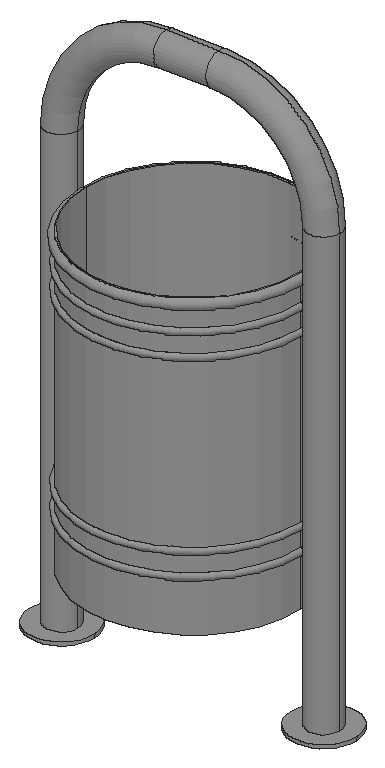
Revit family "Урна стальная «Дуга» Арт 19137", category Антураж, Revit 2018
Family settings
  На основе рабочей плоскости = Нет
  Всегда вертикально = Да
  При загрузке вырезать с полостями = Нет
  Источник визуального образа = Геометрия семейства
  Общий = Нет
  Точка расчета площади = Нет
Parameters (values of type "Урна стальная «Дуга»")
  Ширина = 340 mm  # constant formula
  Цвет урны = Сталь
  Описание = "Урна стальная «Дуга». Версия Объём: 35 литров"  # constant formula
  Материал изделия = "Сталь"  # constant formula
  Изображение типоразмера = Урна стальная «Дуга» Арт 19137.jpg
  Изготовитель = "ООО «Хоббика»"  # constant formula
  Длина = 450 mm  # constant formula
  Группа модели = "Уличные урны"  # constant formula
  Высота = 870 mm  # constant formula
  Артикул товара = "Арт. 19137"  # constant formula
  URL = "https://hobbyka.ru/product/urna_stalnaya_duga/"
Reference planes
  plane 1 "По центру (Вперед/Назад)": y = 0
  plane 2: z = 0
  plane 3 "По центру (Влево/Вправо)": x = 0
  plane 4: x = 450
  plane 5: y = 340
  plane 6: z = 870
Forms (mm)
  Sweep 1, solid, material "Сталь" <- "Цвет урны"
    path origin (0, 0, 0) x (1, 0, 0) y (0, 0, 1)
      loop
        line (0, 0) -> (0, 685)
        arc (0, 685) -> (54.185, 815.815) -> (185, 870) r 185
        line (185, 870) -> (265, 870)
        arc (265, 870) -> (395.815, 815.815) -> (450, 685) r 185
        line (450, 685) -> (450, 0)
    profile origin (0, 0, 342.5) x (-1, 0, 0) y (0, -1, 0)
      loop
        circle (-25, -170) r 25
  Extrusion 2, solid, material "Сталь" <- "Цвет урны"
    sketch origin (0, 0, 0) x (1, 0, 0) y (0, 1, 0)
      loop
        circle (25, 170) r 50
      loop
        circle (425, 170) r 50
    from 0 to 5
  Revolve 3, solid, material "Сталь" <- "Цвет урны"
    sketch origin (0, 170, 0) x (1, 0, 0) y (0, 0, 1)
      loop
        line (388.557, 610) -> (388.557, 152) -> (225, 152) -> (225, 150) -> (390.557, 150) -> (390.557, 225)
        arc (390.557, 225) -> (395.557, 230) -> (390.557, 235) r 5
        line (390.557, 235) -> (390.557, 260)
        arc (390.557, 260) -> (395.557, 265) -> (390.557, 270) r 5
        line (390.557, 270) -> (390.557, 525)
        arc (390.557, 525) -> (395.557, 530) -> (390.557, 535) r 5
        line (390.557, 535) -> (390.557, 560)
        arc (390.557, 560) -> (395.557, 565) -> (390.557, 570) r 5
        line (390.557, 570) -> (390.557, 595)
        arc (390.557, 595) -> (398.057, 602.5) -> (390.557, 610) r 7.5
        line (390.557, 610) -> (388.557, 610)
      axis (225, 610) -> (225, 150)
    angle from 0 to 360
Cuts and joins
  joined: Sweep 1, Extrusion 2
Dimensions and locks
  "Ширина": plane 5 to plane 1 "По центру (Вперед/Назад)"
  "Длина": plane 3 "По центру (Влево/Вправо)" to plane 4
  "Высота": plane 6 to plane 2
  aligned and locked: level to plane 2
Automatic sketch dimensions
  Sweep 1 sketch curve to plane 3 "По центру (Влево/Вправо)" = 0 mm
  Sweep 1 sketch curve to plane 6 = 0 mm
  Sweep 1 sketch curve to plane 4 = 0 mm
  Sweep 1 sketch curve to level = 0 mm  (x2)
  plane 3 "По центру (Влево/Вправо)" to Sweep 1 sketch curve = 185 mm
  Sweep 1 sketch curve to Sweep 1 sketch curve = 80 mm
  profile plane to Sweep 1 sketch curve = 25 mm
  Sweep 1 sketch curve to plane 1 "По центру (Вперед/Назад)" = 170 mm
  Extrusion 2 sketch curve to Extrusion 2 sketch curve = 0 mm  (x4)
  plane 3 "По центру (Влево/Вправо)" to Extrusion 2 sketch curve = 25 mm
  Extrusion 2 sketch curve to plane 4 = 25 mm
  Extrusion 2 sketch curve to plane 1 "По центру (Вперед/Назад)" = 170 mm  (x2)
  Extrusion 2 sketch curve to plane 3 "По центру (Влево/Вправо)" = 25 mm
  Extrusion 2 sketch curve to Extrusion 2 sketch curve = 50 mm
  Revolve 3 sketch curve to level = 0 mm
  plane 3 "По центру (Влево/Вправо)" to Revolve 3 sketch curve = 225 mm
  Revolve 3 sketch curve to plane 4 = 61.443 mm
  Revolve 3 sketch curve to Revolve 3 sketch curve = 2 mm  (x2)
  level to Revolve 3 sketch curve = 150 mm
  Revolve 3 sketch curve to Revolve 3 sketch curve = 73 mm
  Revolve 3 sketch curve to Revolve 3 sketch curve = 5 mm  (x4)
  Revolve 3 sketch curve to Revolve 3 sketch curve = 25 mm  (x3)
  Revolve 3 sketch curve to Revolve 3 sketch curve = 255 mm
  Revolve 3 sketch curve to Revolve 3 sketch curve = 7.5 mm
  Revolve 3 sketch curve to Revolve 3 sketch curve = 0 mm
  plane 6 to Revolve 3 sketch curve = 60 mm
  radius of Sweep 1 sketch curve = 25 mm
